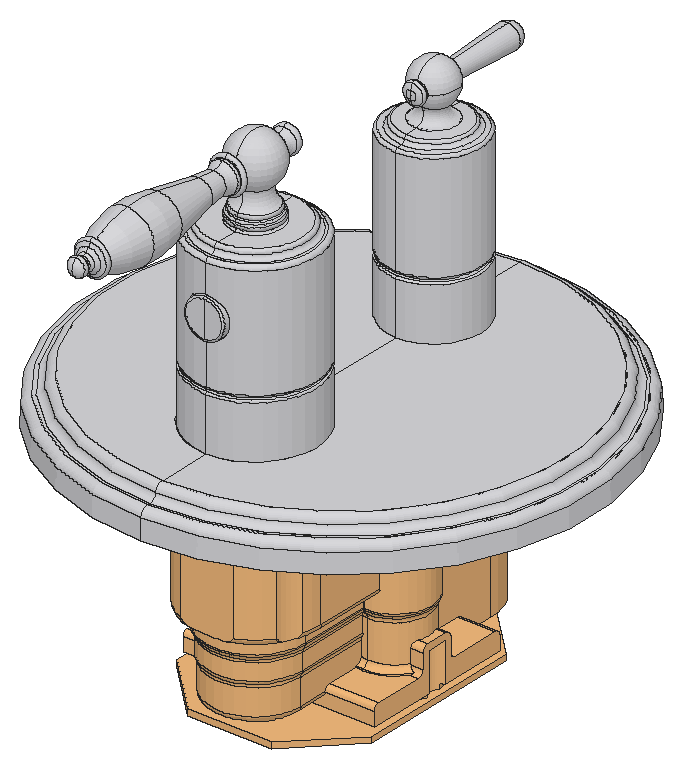
Revit family "Shower-Valve_Trim-KOHLER-MODULO-K-72814T_1", category Plumbing Fixtures, host Face, Revit 2017 (continued)
Definition of nested family "K-72814T"
  Lines and regions (in)
    symbolic lines, detail levels medium+fine
      curve 639: spline (-0.26212, 0, 3.71157) -> (-0.30784, 0, 3.76277) -> (-0.34176, 0, 3.82103) -> (-0.3626, 0, 3.88413) -> (-0.36957, 0, 3.9497) -> (-0.36241, 0, 4.01525) -> (-0.34138, 0, 4.0783) -> (-0.30728, 0, 4.13647) -> (-0.2614, 0, 4.18756) -> (-0.20548, 0, 4.22963) -> (-0.14163, 0, 4.2611) -> (-0.07227, 0, 4.28077) -> (-0.00002, 0, 4.28791)
      curve 640: spline (-0.00002, 0, 4.28791) -> (0.07224, 0, 4.28078) -> (0.1416, 0, 4.26111) -> (0.20546, 0, 4.22965) -> (0.26138, 0, 4.18757) -> (0.30727, 0, 4.13648) -> (0.34137, 0, 4.07831) -> (0.3624, 0, 4.01526) -> (0.36957, 0, 3.94971) -> (0.3626, 0, 3.88414) -> (0.34177, 0, 3.82103) -> (0.30784, 0, 3.76278) -> (0.26212, 0, 3.71157)
      curve 641: line (0, -1.29184, 3.64982) -> (0, -1.73964, 3.64982)
      curve 642: line (0, -0.6496, 3.00145) -> (0, -2.38188, 3.00145)
      curve 643: arc (0.34084, -3.23208, 0) -> (0, 3.27855, 0) -> (-0.34084, -3.23208, 0) r 3.26424
      curve 644: arc (-0.14156, 2.13005, 0) -> (0, 1.11788, 0) -> (0.14156, 2.13005, 0) r 0.51599
      curve 645: line (-0.13028, -1.86927, 0) -> (0.13028, -1.86927, 0)
      curve 646: line (0, -1.15428, 4.07082) -> (0, -1.16661, 3.825)
      curve 647: line (0.18921, 0, 3.16786) -> (-0.18921, 0, 3.16786)
    symbolic lines, detail levels coarse
      curve 630: line (0.33135, 0, -0.81049) -> (0.33135, 0, -1.17644)
      curve 631: line (-0.33135, 0, -0.81049) -> (-0.33135, 0, -1.17644)
      curve 632: line (0.33135, 0, -0.81049) -> (-0.33135, 0, -1.17644)
      curve 633: line (-0.33135, 0, -0.81049) -> (0.33135, 0, -1.17644)
      curve 634: line (0, 0, -0.99346) -> (0, 0, -1.69008)
      curve 635: line (0.22121, 0, -1.69008) -> (-0.22121, 0, -1.69008)
      curve 636: arc (0.22121, 0, -1.69008) -> (0, 0, -1.84187) -> (-0.22121, 0, -1.69008) r 0.23708
  Dimensions and locks (in)
    aligned and locked: plane 2 to level
